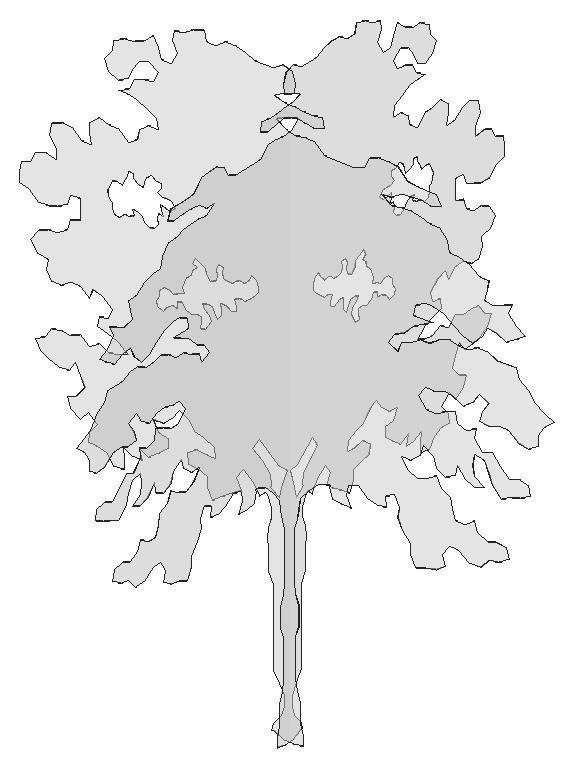
Revit family
Parameters
  Height = 6000 mm
  built-in parameter 1005192 = "ACCURENDER\\Trees and Shrubs\\Deciduous\\Oak, Black"
  built-in parameter 1005194 = 5.9055 (stored number, unit not read)
  Material = Default 3
Reference planes
  plane 1 "Center (Front/Back)": y = 0
  plane 2: z = 0
  plane 3 "Center (Left/Right)": x = 0
Nested families
  nested 1: "Leopard Tree Nest Type B" at (0, 0, 0), type "Acer Rubrum - 9 Meters"
Definition of nested family "Leopard Tree Nest Type B"
  Parameters (values of type "Acer Rubrum - 9 Meters")
    Height = 9000 mm
    built-in parameter 1005192 = "ACCURENDER\\Trees and Shrubs\\Deciduous\\Maple, Bigleaf"
    built-in parameter 1005194 = (empty or 0)
    Type Comments = "Leopard Tree"
    Material = Default 3
    Assembly Code = ""
  Reference planes
    plane 1 "Center (Front/Back)": y = 0
    plane 2: z = 0
    plane 3: x = 0
    plane 4 "dwg plan": z = 1165.947
  Forms (mm)
    Extrusion 1, solid, material "Default 3" <- "Material"
      sketch origin (1, 8085.559, 300.451) x (0, -1, 0) y (0, 0, 1)
        loop
          line (7888.197, 7675.151) -> (7632.87, 7675.151) -> (7505.206, 7738.956) -> (7377.542, 7760.225) -> (7249.879, 7760.225) -> (7122.215, 7675.151) -> (6994.552, 7675.151) -> (6973.274, 7802.761) -> (6824.334, 7760.225) -> (6696.67, 7675.151) -> (6569.006, 7653.883) -> (6547.729, 7526.274) -> (6611.561, 7398.664) -> (6526.452, 7249.786) -> (6398.788, 7249.786) -> (6356.234, 7377.396) -> (6292.402, 7505.005) -> (6164.738, 7398.664) -> (6037.075, 7334.859) -> (5909.411, 7334.859) -> (5760.47, 7249.786) -> (5739.193, 7122.176) -> (5632.807, 6994.567) -> (5696.639, 6866.957) -> (5824.302, 6803.152) -> (5951.966, 6866.957) -> (6015.797, 6994.567) -> (6100.907, 7122.176) -> (6228.57, 7164.713) -> (6356.234, 7079.64) -> (6292.402, 6952.03) -> (6164.738, 6930.762) -> (6037.075, 6888.225) -> (5973.243, 6760.616) -> (5824.302, 6675.543) -> (5951.966, 6675.543) -> (6079.629, 6654.274) -> (6207.293, 6590.47) -> (6334.956, 6526.665) -> (6356.234, 6399.055) -> (6228.57, 6399.055) -> (6100.907, 6313.982) -> (6083.264, 6208.174) -> (6079.629, 6186.372) -> (5951.966, 6101.299) -> (5824.302, 6228.909) -> (5696.639, 6228.909) -> (5568.975, 6271.445) -> (5441.311, 6165.104) -> (5441.311, 6037.494) -> (5462.589, 5909.885) -> (5334.925, 5909.885) -> (5207.261, 6016.226) -> (5079.598, 6037.494) -> (4930.657, 5973.69) -> (4909.38, 5824.812) -> (4994.489, 5697.202) -> (4994.489, 5569.592) -> (4845.548, 5590.861) -> (4717.884, 5548.324) -> (4654.053, 5420.714) -> (4526.389, 5378.178) -> (4505.112, 5250.568) -> (4505.112, 5122.959) -> (4632.775, 5080.422) -> (4760.439, 4974.081) -> (4888.103, 4974.081) -> (5015.766, 5016.617) -> (5143.43, 5080.422) -> (5185.984, 5208.032) -> (5313.648, 5208.032) -> (5313.648, 4952.812) -> (5185.984, 4910.276) -> (5143.43, 4782.666) -> (5015.766, 4697.593) -> (4888.103, 4697.593) -> (4760.439, 4633.788) -> (4654.053, 4484.91) -> (4739.162, 4357.301) -> (4888.103, 4336.033) -> (4866.825, 4208.423) -> (4930.657, 4080.813) -> (5058.321, 4080.813) -> (5185.984, 4165.886) -> (5313.648, 4165.886) -> (5441.311, 4059.545) -> (5483.866, 4187.155) -> (5611.529, 4144.618) -> (5739.193, 4038.277) -> (5696.639, 3910.667) -> (5568.975, 3889.399) -> (5547.698, 3761.789) -> (5696.639, 3719.253) -> (5824.302, 3676.716) -> (5908.56, 3606.531) -> (5951.966, 3570.375) -> (5824.302, 3527.838) -> (5696.639, 3506.57) -> (5568.975, 3570.375) -> (5441.311, 3485.302) -> (5313.648, 3591.643) -> (5185.984, 3527.838) -> (5058.321, 3549.106) -> (4930.657, 3527.838) -> (4845.548, 3400.228) -> (4717.884, 3336.424) -> (4781.716, 3208.814) -> (4909.38, 3145.009) -> (5037.043, 3102.473) -> (5164.707, 3102.473) -> (5249.816, 3230.082) -> (5313.648, 3102.473) -> (5377.479, 2974.863) -> (5271.093, 2847.253) -> (5143.43, 2783.448) -> (5185.984, 2655.839) -> (5313.648, 2570.766) -> (5420.034, 2698.375) -> (5453.075, 2670.853) -> (5547.698, 2592.034) -> (5441.311, 2464.424) -> (5420.034, 2336.815) -> (5547.698, 2336.815) -> (5675.361, 2294.278) -> (5760.47, 2166.669) -> (5909.411, 2187.937) -> (5909.411, 2315.546) -> (5888.134, 2443.156) -> (6015.797, 2379.351) -> (6143.461, 2379.351) -> (6100.907, 2506.961) -> (6228.57, 2443.156) -> (6356.234, 2528.229) -> (6483.897, 2634.571) -> (6483.897, 2762.18) -> (6356.234, 2783.448) -> (6292.402, 2911.058) -> (6420.065, 2911.058) -> (6547.729, 3017.4) -> (6632.838, 3145.009) -> (6667.511, 3127.68) -> (6760.502, 3081.204) -> (6845.611, 2953.595) -> (6973.274, 2932.326) -> (7100.938, 2868.522) -> (7122.215, 2740.912) -> (6994.552, 2740.912) -> (6866.888, 2762.18) -> (6739.224, 2677.107) -> (6760.502, 2549.497) -> (6888.165, 2528.229) -> (7015.829, 2485.693) -> (7015.829, 2358.083) -> (7079.661, 2230.473) -> (7207.324, 2315.546) -> (7334.988, 2400.62) -> (7462.651, 2485.693) -> (7398.82, 2613.302) -> (7483.929, 2740.912) -> (7611.592, 2634.571) -> (7696.701, 2506.961) -> (7696.701, 2485.693) -> (7760.533, 2549.497) -> (7777.973, 2570.417) -> (7803.088, 2549.497) -> (7866.919, 2421.888) -> (7866.919, 2294.278) -> (7824.365, 2166.669) -> (7803.088, 2039.059) -> (7824.365, 1911.449) -> (7824.365, 1634.962) -> (7888.197, 1507.352) -> (7888.197, 486.475) -> (7973.306, 358.865) -> (8037.138, 231.256) -> (8037.138, 103.646) -> (7994.583, -23.964) -> (7888.197, -151.573) -> (7866.919, -236.646) -> (7909.474, -236.646) -> (8037.138, -300.451) -> (8164.801, -300.451) -> (8292.465, -279.183) -> (8292.465, -151.573) -> (8249.91, -23.964) -> (8249.91, 231.256) -> (8207.356, 358.865) -> (8186.078, 486.475) -> (8186.078, 996.913) -> (8228.633, 1124.523) -> (8228.633, 1379.742) -> (8186.078, 1507.352) -> (8164.801, 1634.962) -> (8164.801, 2273.01) -> (8207.356, 2400.62) -> (8228.633, 2528.229) -> (8249.91, 2655.839) -> (8356.297, 2783.448) -> (8483.96, 2911.058) -> (8611.624, 2953.595) -> (8651.519, 2960.241) -> (8632.901, 2932.326) -> (8675.455, 2804.717) -> (8803.119, 2783.448) -> (8930.783, 2783.448) -> (8866.951, 2911.058) -> (8888.228, 3038.668) -> (9015.892, 3081.204) -> (9143.555, 2974.863) -> (9271.219, 2932.326) -> (9398.882, 2953.595) -> (9377.605, 3081.204) -> (9505.269, 3145.009) -> (9569.101, 3017.4) -> (9547.823, 2889.79) -> (9611.655, 2762.18) -> (9718.041, 2634.571) -> (9718.041, 2506.961) -> (9781.873, 2379.351) -> (9930.814, 2421.888) -> (10058.478, 2443.156) -> (10186.141, 2528.229) -> (10143.587, 2655.839) -> (10228.696, 2783.448) -> (10356.359, 2783.448) -> (10505.3, 2677.107) -> (10654.241, 2677.107) -> (10760.627, 2804.717) -> (10888.291, 2825.985) -> (11037.232, 2911.058) -> (10994.677, 3038.668) -> (10867.014, 3059.936) -> (10739.35, 3017.4) -> (10611.687, 3081.204) -> (10569.132, 3208.814) -> (10441.468, 3123.741) -> (10313.805, 3123.741) -> (10271.25, 3251.351) -> (10249.973, 3378.96) -> (10122.309, 3442.765) -> (10058.478, 3570.375) -> (9930.814, 3485.302) -> (9803.151, 3442.765) -> (9675.487, 3506.57) -> (9590.378, 3634.179) -> (9718.041, 3634.179) -> (9845.705, 3740.521) -> (9888.26, 3868.13) -> (10015.923, 3783.057) -> (10058.478, 3655.448) -> (10186.141, 3591.643) -> (10313.805, 3655.448) -> (10335.082, 3783.057) -> (10441.468, 3655.448) -> (10569.132, 3612.911) -> (10696.796, 3655.448) -> (10569.132, 3740.521) -> (10547.855, 3868.13) -> (10569.132, 3995.74) -> (10696.796, 3974.472) -> (10760.627, 3846.862) -> (10803.182, 3719.253) -> (10930.846, 3591.643) -> (11058.509, 3655.448) -> (11186.173, 3697.984) -> (11313.836, 3761.789) -> (11292.559, 3889.399) -> (11164.895, 3910.667) -> (11037.232, 3868.13) -> (10909.568, 3974.472) -> (10803.182, 4102.081) -> (10675.518, 4059.545) -> (10569.132, 4187.155) -> (10590.409, 4314.764) -> (10462.746, 4250.959) -> (10335.082, 4293.496) -> (10313.805, 4421.106) -> (10186.141, 4378.569) -> (10058.478, 4314.764) -> (9930.814, 4314.764) -> (9824.428, 4442.374) -> (9909.537, 4569.983) -> (10037.2, 4569.983) -> (10164.864, 4612.52) -> (10292.528, 4591.252) -> (10420.191, 4527.447) -> (10547.855, 4612.52) -> (10632.964, 4740.13) -> (10760.627, 4676.325) -> (10675.518, 4548.715) -> (10632.964, 4421.106) -> (10760.627, 4399.837) -> (10888.291, 4442.374) -> (11015.955, 4442.374) -> (11164.895, 4336.033) -> (11292.559, 4314.764) -> (11420.223, 4399.837) -> (11420.223, 4527.447) -> (11505.332, 4655.057) -> (11632.995, 4761.398) -> (11505.332, 4825.203) -> (11377.668, 4889.008) -> (11292.559, 5016.617) -> (11164.895, 5101.69) -> (11122.341, 5229.3) -> (10867.014, 5229.3) -> (10739.35, 5293.105) -> (10611.687, 5293.105) -> (10484.023, 5229.3) -> (10356.359, 5229.3) -> (10228.696, 5250.568) -> (10101.032, 5208.032) -> (9973.369, 5122.959) -> (9845.705, 5122.959) -> (9718.041, 5037.886) -> (9590.378, 4995.349) -> (9547.823, 4867.739) -> (9420.16, 4931.544) -> (9505.269, 5059.154) -> (9632.932, 5122.959) -> (9760.596, 5250.568) -> (9888.26, 5314.373) -> (10015.923, 5378.178) -> (9760.596, 5378.178) -> (9781.873, 5505.788) -> (9909.537, 5569.592) -> (10037.2, 5569.592) -> (10164.864, 5527.056) -> (10292.528, 5441.983) -> (10420.191, 5356.91) -> (10547.855, 5314.373) -> (10675.518, 5441.983) -> (10739.35, 5569.592) -> (10867.014, 5548.324) -> (10994.677, 5484.519) -> (11122.341, 5569.592) -> (11250.004, 5654.665) -> (11122.341, 5718.47) -> (11015.955, 5846.08) -> (11079.786, 5973.69) -> (10952.123, 5909.885) -> (10824.459, 5867.348) -> (10696.796, 5888.616) -> (10739.35, 6016.226) -> (10760.627, 6143.836) -> (10632.964, 6143.836) -> (10505.3, 6250.177) -> (10356.359, 6292.714) -> (10228.696, 6292.714) -> (10207.419, 6420.323) -> (10203.744, 6424.731) -> (10101.032, 6547.933) -> (9973.369, 6547.933) -> (9845.705, 6590.47) -> (9718.041, 6611.738) -> (9590.378, 6611.738) -> (9462.714, 6590.47) -> (9335.051, 6675.543) -> (9462.714, 6675.543) -> (9590.378, 6760.616) -> (9739.319, 6781.884) -> (9866.982, 6781.884) -> (9994.646, 6760.616) -> (10122.309, 6803.152) -> (10058.478, 6930.762) -> (9803.151, 6930.762) -> (9675.487, 6952.03) -> (9547.823, 7079.64) -> (9420.16, 7100.908) -> (9292.496, 7100.908) -> (9164.833, 7037.103) -> (9101.001, 6909.494) -> (8973.337, 6866.957) -> (8569.069, 6866.957) -> (8441.406, 6994.567) -> (8313.742, 6994.567) -> (8186.078, 6973.298) -> (8058.415, 6994.567) -> (7930.751, 7079.64) -> (8058.415, 7143.445) -> (8186.078, 7185.981) -> (8313.742, 7164.713) -> (8441.406, 7143.445) -> (8569.069, 7185.981) -> (8547.792, 7313.591) -> (8420.128, 7292.323) -> (8292.465, 7292.323) -> (8164.801, 7313.591) -> (8037.138, 7313.591) -> (7909.474, 7356.127) -> (8037.138, 7419.932) -> (8164.801, 7462.469) -> (8186.078, 7590.078) -> (8143.524, 7717.688) -> (8015.86, 7760.225) -> (7888.197, 7675.151)
        loop
          line (5749.205, 5315.282) -> (5749.205, 5249.774) -> (5775.419, 5184.266) -> (5840.955, 5171.164) -> (5906.491, 5223.571) -> (5972.027, 5223.571) -> (6037.563, 5262.876) -> (6011.348, 5328.384) -> (6076.884, 5328.384) -> (6142.42, 5289.079) -> (6168.634, 5223.571) -> (6234.17, 5184.266) -> (6299.706, 5197.368) -> (6352.135, 5262.876) -> (6339.027, 5328.384) -> (6352.135, 5393.892) -> (6417.67, 5380.79) -> (6391.456, 5446.298) -> (6378.349, 5511.807) -> (6456.992, 5498.705) -> (6522.528, 5485.603) -> (6588.064, 5538.01) -> (6535.635, 5603.518) -> (6470.099, 5616.62) -> (6404.563, 5603.518) -> (6339.027, 5642.823) -> (6391.456, 5708.331) -> (6391.456, 5773.839) -> (6325.92, 5773.839) -> (6260.384, 5813.144) -> (6194.849, 5773.839) -> (6168.634, 5708.331) -> (6155.527, 5642.823) -> (6089.991, 5655.925) -> (6024.455, 5695.229) -> (6024.455, 5760.738) -> (5958.92, 5760.738) -> (5945.813, 5695.229) -> (5906.491, 5629.721) -> (5880.277, 5564.213) -> (5814.741, 5590.416) -> (5749.205, 5577.315) -> (5722.991, 5511.807) -> (5683.669, 5446.298) -> (5696.776, 5380.79) -> (5722.991, 5328.384) -> (5749.205, 5315.282)
        loop
          line (6417.67, 4254.05) -> (6470.099, 4319.559) -> (6548.742, 4371.965) -> (6614.278, 4358.863) -> (6614.278, 4437.473) -> (6679.814, 4450.575) -> (6719.135, 4385.067) -> (6797.778, 4345.762) -> (6863.314, 4371.965) -> (6928.85, 4371.965) -> (6928.85, 4306.457) -> (6915.743, 4227.847) -> (6981.279, 4227.847) -> (7020.6, 4293.355) -> (7059.922, 4358.863) -> (7033.707, 4424.372) -> (6968.171, 4463.676) -> (6941.957, 4529.185) -> (7007.493, 4542.286) -> (7073.029, 4542.286) -> (7099.243, 4476.778) -> (7138.565, 4411.27) -> (7190.993, 4476.778) -> (7190.993, 4542.286) -> (7177.886, 4607.794) -> (7256.529, 4620.896) -> (7335.172, 4568.489) -> (7400.708, 4594.693) -> (7400.708, 4660.201) -> (7374.494, 4725.709) -> (7440.029, 4765.014) -> (7472.797, 4758.463) -> (7505.565, 4751.912) -> (7571.101, 4804.319) -> (7636.637, 4856.725) -> (7689.066, 4922.233) -> (7689.066, 4987.742) -> (7662.851, 5053.25) -> (7597.315, 5092.555) -> (7571.101, 5027.046) -> (7505.565, 4961.538) -> (7440.029, 4974.64) -> (7387.601, 4948.437) -> (7348.279, 4909.132) -> (7282.743, 4909.132) -> (7217.208, 4922.233) -> (7204.1, 4987.742) -> (7217.208, 5053.25) -> (7151.672, 5066.351) -> (7125.457, 5000.843) -> (7138.565, 4935.335) -> (7125.457, 4869.827) -> (7046.814, 4830.522) -> (6994.386, 4896.03) -> (6981.279, 4961.538) -> (6915.743, 5000.843) -> (6850.207, 5040.148) -> (6810.885, 4961.538) -> (6876.421, 4935.335) -> (6810.885, 4882.929) -> (6797.778, 4817.42) -> (6732.242, 4765.014) -> (6679.814, 4633.998) -> (6706.028, 4568.489) -> (6627.385, 4542.286) -> (6561.849, 4502.981) -> (6496.313, 4542.286) -> (6430.778, 4542.286) -> (6365.242, 4476.778) -> (6365.242, 4411.27) -> (6325.92, 4345.762) -> (6339.027, 4280.254) -> (6417.67, 4254.05)
        loop
          line (7866.919, 2677.107) -> (7847.922, 2654.32) -> (7973.306, 2570.766) -> (7994.583, 2698.375) -> (8037.138, 2825.985) -> (8072.973, 2933.446) -> (7952.028, 2953.595) -> (7696.701, 3166.277) -> (7611.592, 3038.668) -> (7739.256, 2932.326) -> (7845.642, 2804.717) -> (7866.919, 2677.107)
      from 0 to 1
    Extrusion 2, solid, material "Default 3"
      sketch origin (-8085.559, -1, 285.158) x (1, 0, 0) y (0, 0, -1)
        loop
          line (7872.786, -7689.303) -> (8000.449, -7774.376) -> (8128.113, -7731.84) -> (8170.668, -7604.23) -> (8149.39, -7476.62) -> (8021.727, -7434.084) -> (7894.063, -7370.279) -> (8021.727, -7327.742) -> (8149.39, -7327.742) -> (8277.054, -7306.474) -> (8404.718, -7306.474) -> (8532.381, -7327.742) -> (8553.658, -7200.133) -> (8425.995, -7157.596) -> (8298.331, -7178.865) -> (8170.668, -7200.133) -> (8043.004, -7157.596) -> (7915.34, -7093.792) -> (8043.004, -7008.718) -> (8170.668, -6987.45) -> (8298.331, -7008.718) -> (8425.995, -7008.718) -> (8553.658, -6881.109) -> (8957.926, -6881.109) -> (9085.59, -6923.645) -> (9149.422, -7051.255) -> (9277.085, -7115.06) -> (9404.749, -7115.06) -> (9532.412, -7093.792) -> (9660.076, -6966.182) -> (9787.74, -6944.914) -> (10043.067, -6944.914) -> (10106.899, -6817.304) -> (9979.235, -6774.767) -> (9851.571, -6796.036) -> (9723.908, -6796.036) -> (9574.967, -6774.767) -> (9447.303, -6689.694) -> (9319.64, -6689.694) -> (9447.303, -6604.621) -> (9574.967, -6625.889) -> (9702.631, -6625.889) -> (9830.294, -6604.621) -> (9957.958, -6562.085) -> (10085.621, -6562.085) -> (10188.333, -6438.883) -> (10192.008, -6434.475) -> (10213.285, -6306.865) -> (10340.949, -6306.865) -> (10489.889, -6264.329) -> (10617.553, -6157.987) -> (10745.217, -6157.987) -> (10723.939, -6030.378) -> (10681.385, -5902.768) -> (10809.048, -5881.5) -> (10936.712, -5924.036) -> (11064.376, -5987.841) -> (11000.544, -5860.232) -> (11106.93, -5732.622) -> (11234.594, -5668.817) -> (11106.93, -5583.744) -> (10979.266, -5498.671) -> (10851.603, -5562.476) -> (10723.939, -5583.744) -> (10660.108, -5456.134) -> (10532.444, -5328.525) -> (10404.78, -5371.061) -> (10277.117, -5456.134) -> (10149.453, -5541.207) -> (10021.79, -5583.744) -> (9894.126, -5583.744) -> (9766.462, -5519.939) -> (9745.185, -5392.33) -> (10000.512, -5392.33) -> (9872.849, -5328.525) -> (9745.185, -5264.72) -> (9617.522, -5137.11) -> (9489.858, -5073.305) -> (9404.749, -4945.696) -> (9532.412, -4881.891) -> (9574.967, -5009.501) -> (9702.631, -5052.037) -> (9830.294, -5137.11) -> (9957.958, -5137.11) -> (10085.621, -5222.183) -> (10213.285, -5264.72) -> (10340.949, -5243.452) -> (10468.612, -5243.452) -> (10596.276, -5307.257) -> (10723.939, -5307.257) -> (10851.603, -5243.452) -> (11106.93, -5243.452) -> (11149.485, -5115.842) -> (11277.148, -5030.769) -> (11362.257, -4903.159) -> (11489.921, -4839.354) -> (11617.584, -4775.55) -> (11489.921, -4669.208) -> (11404.812, -4541.599) -> (11404.812, -4413.989) -> (11277.148, -4328.916) -> (11149.485, -4350.184) -> (11000.544, -4456.526) -> (10872.88, -4456.526) -> (10745.217, -4413.989) -> (10617.553, -4435.257) -> (10660.108, -4562.867) -> (10745.217, -4690.477) -> (10617.553, -4754.281) -> (10532.444, -4626.672) -> (10404.78, -4541.599) -> (10277.117, -4605.403) -> (10149.453, -4626.672) -> (10021.79, -4584.135) -> (9894.126, -4584.135) -> (9809.017, -4456.526) -> (9915.403, -4328.916) -> (10043.067, -4328.916) -> (10170.73, -4392.721) -> (10298.394, -4435.257) -> (10319.671, -4307.648) -> (10447.335, -4265.111) -> (10574.998, -4328.916) -> (10553.721, -4201.306) -> (10660.108, -4073.697) -> (10787.771, -4116.233) -> (10894.157, -3988.624) -> (11021.821, -3882.282) -> (11149.485, -3924.819) -> (11277.148, -3903.55) -> (11298.425, -3775.941) -> (11170.762, -3712.136) -> (11043.098, -3669.599) -> (10915.435, -3605.795) -> (10787.771, -3733.404) -> (10745.217, -3861.014) -> (10681.385, -3988.624) -> (10553.721, -4009.892) -> (10532.444, -3882.282) -> (10553.721, -3754.672) -> (10681.385, -3669.599) -> (10553.721, -3627.063) -> (10426.058, -3669.599) -> (10319.671, -3797.209) -> (10298.394, -3669.599) -> (10170.73, -3605.795) -> (10043.067, -3669.599) -> (10000.512, -3797.209) -> (9872.849, -3882.282) -> (9830.294, -3754.672) -> (9702.631, -3648.331) -> (9574.967, -3648.331) -> (9660.076, -3520.721) -> (9787.74, -3456.917) -> (9915.403, -3499.453) -> (10043.067, -3584.526) -> (10106.899, -3456.917) -> (10234.562, -3393.112) -> (10255.839, -3265.502) -> (10298.394, -3137.893) -> (10426.058, -3137.893) -> (10553.721, -3222.966) -> (10596.276, -3095.356) -> (10723.939, -3031.551) -> (10851.603, -3074.088) -> (10979.266, -3052.819) -> (11021.821, -2925.21) -> (10872.88, -2840.137) -> (10745.217, -2818.868) -> (10638.83, -2691.259) -> (10489.889, -2691.259) -> (10340.949, -2797.6) -> (10213.285, -2797.6) -> (10128.176, -2669.991) -> (10170.73, -2542.381) -> (10043.067, -2457.308) -> (9915.403, -2436.039) -> (9766.462, -2393.503) -> (9702.631, -2521.113) -> (9702.631, -2648.722) -> (9596.244, -2776.332) -> (9532.412, -2903.942) -> (9553.69, -3031.551) -> (9489.858, -3159.161) -> (9362.194, -3095.356) -> (9383.472, -2967.746) -> (9255.808, -2946.478) -> (9128.145, -2989.015) -> (9000.481, -3095.356) -> (8872.817, -3052.819) -> (8851.54, -2925.21) -> (8915.372, -2797.6) -> (8787.708, -2797.6) -> (8660.045, -2818.868) -> (8617.49, -2946.478) -> (8636.108, -2974.393) -> (8596.213, -2967.746) -> (8468.549, -2925.21) -> (8340.886, -2797.6) -> (8234.499, -2669.991) -> (8213.222, -2542.381) -> (8191.945, -2414.771) -> (8149.39, -2287.162) -> (8149.39, -1649.113) -> (8170.668, -1521.504) -> (8213.222, -1393.894) -> (8213.222, -1138.675) -> (8170.668, -1011.065) -> (8170.668, -500.627) -> (8191.945, -373.017) -> (8234.499, -245.407) -> (8234.499, 9.812) -> (8277.054, 137.422) -> (8277.054, 265.031) -> (8149.39, 286.3) -> (8021.727, 286.3) -> (7894.063, 222.495) -> (7851.509, 222.495) -> (7872.786, 137.422) -> (7979.172, 9.812) -> (8021.727, -117.798) -> (8021.727, -245.407) -> (7957.895, -373.017) -> (7872.786, -500.627) -> (7872.786, -1521.504) -> (7808.954, -1649.113) -> (7808.954, -1925.601) -> (7787.677, -2053.211) -> (7808.954, -2180.82) -> (7851.509, -2308.43) -> (7851.509, -2436.039) -> (7787.677, -2563.649) -> (7762.563, -2584.569) -> (7745.122, -2563.649) -> (7681.291, -2499.844) -> (7681.291, -2521.113) -> (7596.181, -2648.722) -> (7468.518, -2755.064) -> (7383.409, -2627.454) -> (7447.241, -2499.844) -> (7319.577, -2414.771) -> (7191.913, -2329.698) -> (7064.25, -2244.625) -> (7000.418, -2372.235) -> (7000.418, -2499.844) -> (6872.754, -2542.381) -> (6745.091, -2563.649) -> (6723.814, -2691.259) -> (6851.477, -2776.332) -> (6979.141, -2755.064) -> (7106.804, -2755.064) -> (7085.527, -2882.673) -> (6957.864, -2946.478) -> (6830.2, -2967.746) -> (6745.091, -3095.356) -> (6652.1, -3141.832) -> (6617.427, -3159.161) -> (6532.318, -3031.551) -> (6404.655, -2925.21) -> (6276.991, -2925.21) -> (6340.823, -2797.6) -> (6468.486, -2776.332) -> (6468.486, -2648.722) -> (6340.823, -2542.381) -> (6213.159, -2457.308) -> (6085.496, -2521.113) -> (6128.05, -2393.503) -> (6000.387, -2393.503) -> (5872.723, -2457.308) -> (5894, -2329.698) -> (5894, -2202.089) -> (5745.06, -2180.82) -> (5659.95, -2308.43) -> (5532.287, -2350.966) -> (5404.623, -2350.966) -> (5425.9, -2478.576) -> (5532.287, -2606.186) -> (5437.665, -2685.004) -> (5404.623, -2712.527) -> (5298.237, -2584.917) -> (5170.573, -2669.991) -> (5128.019, -2797.6) -> (5255.682, -2861.405) -> (5362.069, -2989.015) -> (5298.237, -3116.624) -> (5234.405, -3244.234) -> (5149.296, -3116.624) -> (5021.633, -3116.624) -> (4893.969, -3159.161) -> (4766.305, -3222.966) -> (4702.473, -3350.575) -> (4830.137, -3414.38) -> (4915.246, -3541.99) -> (5042.91, -3563.258) -> (5170.573, -3541.99) -> (5298.237, -3605.795) -> (5425.9, -3499.453) -> (5553.564, -3584.526) -> (5681.228, -3520.721) -> (5808.891, -3541.99) -> (5936.555, -3584.526) -> (5893.149, -3620.683) -> (5808.891, -3690.868) -> (5681.228, -3733.404) -> (5532.287, -3775.941) -> (5553.564, -3903.55) -> (5681.228, -3924.819) -> (5723.782, -4052.428) -> (5596.119, -4158.77) -> (5468.455, -4201.306) -> (5425.9, -4073.697) -> (5298.237, -4180.038) -> (5170.573, -4180.038) -> (5042.91, -4094.965) -> (4915.246, -4094.965) -> (4851.414, -4222.575) -> (4872.692, -4350.184) -> (4723.751, -4371.452) -> (4638.642, -4499.062) -> (4745.028, -4647.94) -> (4872.692, -4711.745) -> (5000.355, -4711.745) -> (5128.019, -4796.818) -> (5170.573, -4924.428) -> (5298.237, -4966.964) -> (5298.237, -5222.183) -> (5170.573, -5222.183) -> (5128.019, -5094.574) -> (5000.355, -5030.769) -> (4872.692, -4988.232) -> (4745.028, -4988.232) -> (4617.364, -5094.574) -> (4489.701, -5137.11) -> (4489.701, -5264.72) -> (4510.978, -5392.33) -> (4638.642, -5434.866) -> (4702.473, -5562.476) -> (4830.137, -5605.012) -> (4979.078, -5583.744) -> (4979.078, -5711.354) -> (4893.969, -5838.963) -> (4915.246, -5987.841) -> (5064.187, -6051.646) -> (5191.851, -6030.378) -> (5319.514, -5924.036) -> (5447.178, -5924.036) -> (5425.9, -6051.646) -> (5425.9, -6179.256) -> (5553.564, -6285.597) -> (5681.228, -6243.061) -> (5808.891, -6243.061) -> (5936.555, -6115.451) -> (6064.218, -6200.524) -> (6067.854, -6222.325) -> (6085.496, -6328.134) -> (6213.159, -6413.207) -> (6340.823, -6413.207) -> (6319.546, -6540.816) -> (6191.882, -6604.621) -> (6064.218, -6668.426) -> (5936.555, -6689.694) -> (5808.891, -6689.694) -> (5957.832, -6774.767) -> (6021.664, -6902.377) -> (6149.327, -6944.914) -> (6276.991, -6966.182) -> (6340.823, -7093.792) -> (6213.159, -7178.865) -> (6085.496, -7136.328) -> (6000.387, -7008.718) -> (5936.555, -6881.109) -> (5808.891, -6817.304) -> (5681.228, -6881.109) -> (5617.396, -7008.718) -> (5723.782, -7136.328) -> (5745.06, -7263.938) -> (5894, -7349.011) -> (6021.664, -7349.011) -> (6149.327, -7412.816) -> (6276.991, -7519.157) -> (6340.823, -7391.547) -> (6383.377, -7263.938) -> (6511.041, -7263.938) -> (6596.15, -7412.816) -> (6532.318, -7540.425) -> (6553.596, -7668.035) -> (6681.259, -7689.303) -> (6808.923, -7774.376) -> (6957.864, -7816.913) -> (6979.141, -7689.303) -> (7106.804, -7689.303) -> (7234.468, -7774.376) -> (7362.132, -7774.376) -> (7489.795, -7753.108) -> (7617.459, -7689.303) -> (7872.786, -7689.303)
        loop
          line (5733.794, -5329.434) -> (5707.58, -5342.536) -> (5681.366, -5394.942) -> (5668.258, -5460.45) -> (5707.58, -5525.958) -> (5733.794, -5591.466) -> (5799.33, -5604.568) -> (5864.866, -5578.365) -> (5891.08, -5643.873) -> (5930.402, -5709.381) -> (5943.509, -5774.889) -> (6009.045, -5774.889) -> (6009.045, -5709.381) -> (6074.58, -5670.076) -> (6140.116, -5656.975) -> (6153.223, -5722.483) -> (6179.438, -5787.991) -> (6244.974, -5827.296) -> (6310.509, -5787.991) -> (6376.045, -5787.991) -> (6376.045, -5722.483) -> (6323.617, -5656.975) -> (6389.152, -5617.67) -> (6454.688, -5630.771) -> (6520.224, -5617.67) -> (6572.653, -5552.162) -> (6507.117, -5499.755) -> (6441.581, -5512.857) -> (6362.938, -5525.958) -> (6376.045, -5460.45) -> (6402.26, -5394.942) -> (6336.724, -5408.044) -> (6323.617, -5342.536) -> (6336.724, -5277.027) -> (6284.295, -5211.519) -> (6218.759, -5198.418) -> (6153.223, -5237.723) -> (6127.009, -5303.231) -> (6061.473, -5342.536) -> (5995.937, -5342.536) -> (6022.152, -5277.027) -> (5956.616, -5237.723) -> (5891.08, -5237.723) -> (5825.544, -5185.316) -> (5760.008, -5198.418) -> (5733.794, -5263.926) -> (5733.794, -5329.434)
        loop
          line (6402.26, -4268.202) -> (6323.617, -4294.405) -> (6310.509, -4359.913) -> (6349.831, -4425.422) -> (6349.831, -4490.93) -> (6415.367, -4556.438) -> (6480.903, -4556.438) -> (6546.438, -4517.133) -> (6611.974, -4556.438) -> (6690.617, -4582.641) -> (6664.403, -4648.149) -> (6716.832, -4779.166) -> (6782.367, -4831.572) -> (6795.475, -4897.08) -> (6861.01, -4949.487) -> (6795.475, -4975.69) -> (6834.796, -5054.3) -> (6900.332, -5014.995) -> (6965.868, -4975.69) -> (6978.975, -4910.182) -> (7031.404, -4844.674) -> (7110.047, -4883.979) -> (7123.154, -4949.487) -> (7110.047, -5014.995) -> (7136.261, -5080.503) -> (7201.797, -5067.401) -> (7188.69, -5001.893) -> (7201.797, -4936.385) -> (7267.333, -4923.283) -> (7332.868, -4923.283) -> (7372.19, -4962.588) -> (7424.619, -4988.792) -> (7490.154, -4975.69) -> (7555.69, -5041.198) -> (7581.905, -5106.706) -> (7647.44, -5067.401) -> (7673.655, -5001.893) -> (7673.655, -4936.385) -> (7621.226, -4870.877) -> (7555.69, -4818.47) -> (7490.154, -4766.064) -> (7457.386, -4772.615) -> (7424.619, -4779.166) -> (7359.083, -4739.861) -> (7385.297, -4674.353) -> (7385.297, -4608.844) -> (7319.761, -4582.641) -> (7241.118, -4635.048) -> (7162.475, -4621.946) -> (7175.582, -4556.438) -> (7175.582, -4490.93) -> (7123.154, -4425.422) -> (7083.832, -4490.93) -> (7057.618, -4556.438) -> (6992.082, -4556.438) -> (6926.546, -4543.336) -> (6952.761, -4477.828) -> (7018.296, -4438.523) -> (7044.511, -4373.015) -> (7005.189, -4307.507) -> (6965.868, -4241.999) -> (6900.332, -4241.999) -> (6913.439, -4320.609) -> (6913.439, -4386.117) -> (6847.903, -4386.117) -> (6782.367, -4359.913) -> (6703.724, -4399.218) -> (6664.403, -4464.727) -> (6598.867, -4451.625) -> (6598.867, -4373.015) -> (6533.331, -4386.117) -> (6454.688, -4333.71) -> (6402.26, -4268.202)
        loop
          line (7851.509, -2691.259) -> (7830.231, -2818.868) -> (7723.845, -2946.478) -> (7596.181, -3052.819) -> (7681.291, -3180.429) -> (7936.618, -2967.746) -> (8057.562, -2947.597) -> (8021.727, -2840.137) -> (7979.172, -2712.527) -> (7957.895, -2584.917) -> (7832.511, -2668.471) -> (7851.509, -2691.259)
      from 0 to 1
  Lines and regions (mm)
    model lines
      curve 1: line (0, 165.506, 0) -> (0, 250.359, 0)
      curve 2: line (0, 250.359, 0) -> (42.426, 207.932, 0)
      curve 3: line (0, 250.359, 0) -> (-42.426, 207.932, 0)
